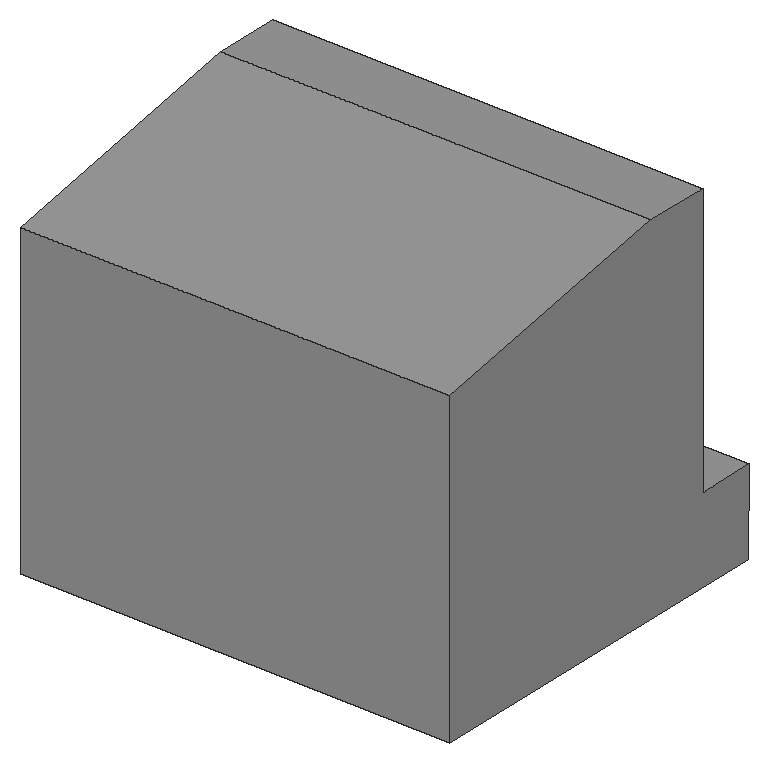
Revit family "Surgical_Scrub_Sink-Willoughby-EWSSS-1", category Plumbing Fixtures, Revit 2015
Parameters (values of type "Standard")
  Waste DIA = 1 1/2"
  Waste Connection = yes
  Vent Connection = no
  URL = "https://www.willoughby-ind.com/wp-content/uploads/2018/01/EWSSS.pdf"
  Revision = "A"
  Model = "EWSSS-1"
  Manufacturer = "Willoughby Industries"
  HW Connection = no
  Fixture Body = Stainless Steel AISI 304-Willoughby
  Description = "Economy Surgical Scrub Sink, Single Station"
  Default Elevation = 0' - 0"
  Contact = "800-428-4065"
  CW Connection = no
Reference planes (in)
  plane 1 "Center (Front/Back)": y = 0
  plane 2: z = 0
  plane 3 "Center (Left/Right)": x = 0
  plane 4 "Waste HGT": y = 25
  plane 5 "Bottom Of Sink": y = 16.75
  plane 6 "Top Of Unit": y = 56
  plane 7: x = -16
  plane 8: x = 16
  plane 9: x = -14
  plane 10: x = 14
Forms (in)
  Extrusion 1, solid, material "Stainless Steel AISI 304-Willoughby" <- "Fixture Body"
    sketch origin (0, 0, 0) x (0, 1, 0) y (0, 0, 1)
      loop
        line (16.75, 0) -> (42.75, 0) -> (42.75, 6) -> (26.75, 6) -> (26.75, 12.5) -> (38.75, 22.5) -> (38.75, 25) -> (34.25, 25) -> (16.75, 21.6875) -> (16.75, 0)
    from -13.5 to 13.5
  Extrusion 2, solid, material "Stainless Steel AISI 304-Willoughby" <- "Fixture Body"
    sketch origin (0, 0, 0) x (0, 1, 0) y (0, 0, 1)
      loop
        line (16.75, 21.6875) -> (16.75, 0) -> (42.75, 0) -> (42.75, 6) -> (38.75, 6) -> (38.75, 25) -> (34.25, 25) -> (16.75, 21.6875)
    from -13.5 to -15
  Extrusion 3, solid, material "Stainless Steel AISI 304-Willoughby" <- "Fixture Body"
    sketch origin (0, 0, 0) x (0, 1, 0) y (0, 0, 1)
      loop
        line (16.75, 21.6875) -> (16.75, 0) -> (42.75, 0) -> (42.75, 6) -> (38.75, 6) -> (38.75, 25) -> (34.25, 25) -> (16.75, 21.6875)
    from 13.5 to 15
  Revolve 4, solid, material "Stainless Steel AISI 304-Willoughby" <- "Fixture Body", detail levels fine
    sketch origin (-3.125, 25, 0) x (-1, 0, 0) y (0, 0, 1)
      loop
        line (0, 0) -> (0.75, 0) -> (0.75, 3.5) -> (0, 3.5) -> (0, 0)
      axis (0, 3.5) -> (0, 0)
    angle from 0 to 360
  Sweep 5, solid
    path origin (0, -9.24468, 21.25821) x (0, 0.906308, -0.422618) y (0, 0.422618, 0.906308)
      loop
        line (54.41518, 6.33615) -> (61.18417, 9.49258)
        arc (61.18417, 9.49258) -> (62.55966, 13.27172) -> (58.78053, 14.64721) r 2.84375
        line (58.78053, 14.64721) -> (57.67596, 14.13214)
    profile origin (0, 46.48437, 4.00386) x (0, 0, 1) y (1, 0, 0)
      loop
        circle (-0.00386, 0) r 0.375
  Extrusion 6, solid
    sketch origin (15, 0, 0) x (1, 0, 0) y (0, 1, 0)
      loop
        circle (-6, 25) r 0.25
      loop
        circle (-9, 25) r 0.25
    from 0 to 1
Cuts and joins
  joined: Extrusion 1, Extrusion 2, Extrusion 3
Lines and regions (in)
  symbolic lines
    curve 1: line (16, 56, 0) -> (16, 16.75, 0)
    curve 2: line (16, 16.75, 0) -> (-16, 16.75, 0)
    curve 3: line (-16, 16.75, 0) -> (-16, 56, 0)
    curve 4: line (-16, 56, 0) -> (16, 56, 0)
    curve 14: line (0, 44.77947, 27) -> (0, 16.75, 27)
    curve 15: line (0, 16.75, 27) -> (0, 16.75, 0)
    curve 16: line (0, 16.75, 0) -> (0, 56, 0)
    curve 17: line (0, 56, 0) -> (0, 56, 2.9375)
    curve 18: line (0, 56, 2.9375) -> (0, 44.77947, 27)
    curve 19: line (-16, 25, 0) -> (16, 25, 0)
    curve 20: line (16, 25, 0) -> (16, 25, 27)
    curve 21: line (16, 25, 27) -> (-16, 25, 27)
    curve 22: line (-16, 25, 27) -> (-16, 25, 0)
    curve 23: line (16, 25, 2.9375) -> (-16, 25, 2.9375)
  symbolic lines, detail levels medium+fine
    curve 5: line (14, 52.8125, 0) -> (14, 32.125, 0)
    curve 6: line (14, 32.125, 0) -> (-14, 32.125, 0)
    curve 7: line (-14, 32.125, 0) -> (-14, 52.8125, 0)
    curve 8: line (-14, 52.8125, 0) -> (14, 52.8125, 0)
    curve 24: line (14, 25, 8.25) -> (14, 25, 25.25)
    curve 25: line (14, 25, 25.25) -> (-14, 25, 25.25)
    curve 26: line (-14, 25, 25.25) -> (-14, 25, 8.25)
    curve 27: line (-14, 25, 8.25) -> (14, 25, 8.25)
  symbolic lines, detail levels fine
    curve 9: line (-14, 48.4375, 0) -> (14, 48.4375, 0)
    curve 10: line (-14, 40.9375, 0) -> (14, 40.9375, 0)
    curve 11: line (-14, 34.9375, 0) -> (14, 34.9375, 0)
    curve 12: line (-16, 44.77947, 0) -> (-14, 44.77947, 0)
    curve 13: line (14, 44.77947, 0) -> (16, 44.77947, 0)
    curve 28: line (14, 25, 14.6875) -> (-14, 25, 14.6875)
    curve 29: line (-14, 25, 9.77312) -> (14, 25, 9.77312)
Dimensions and locks (in)
  cut or joined group of Extrusion 1, Extrusion 2, Extrusion 3 to cut or joined group of Extrusion 1, Extrusion 2, Extrusion 3 = 2' - 6"
  aligned and locked: Extrusion 1 sketch curve to plane 5 "Bottom Of Sink"
  aligned and locked: Revolve 4 sketch curve to Revolve 4 sketch curve  (x2)
  aligned and locked: Extrusion 3 to Extrusion 1
Connectors (in)
  piping at (-3.125, 25, 0), diameter 1.5, driven by "Waste DIA", driven by "Waste Connection"
    settings: on Revolve 4, index 1, connector inside diameter 24", connector length 0' - 0", flow factor 0, pipe flow 0 GPM, pressure drop 0.00 psi, fitting loss kfactor 0, connector angle 0.00°, fixture units 0, engagement length 0' - 0", angle of deflection 0.00°, flow configuration 0, flow direction 2, fitting loss method 0, system type 16, joint type 0, gender type 0, connector reference index -1, connector utility 1, adjustable connector no, is connector primary yes, connector description "Sink Waste"
  piping at (9, 25, 1), diameter 0.5
    settings: on Extrusion 6, index 2, connector inside diameter 24", connector length 0' - 0", flow factor 0, pipe flow 0 GPM, pressure drop 0.00 psi, fitting loss kfactor 0, connector angle 0.00°, fixture units 0, engagement length 0' - 0", angle of deflection 0.00°, flow configuration 0, flow direction 0, fitting loss method 0, system type 20, joint type 0, gender type 0, connector reference index -1, connector utility 0, adjustable connector no, is connector primary no, connector description ""
  piping at (6, 25, 1), diameter 0.5
    settings: on Extrusion 6, index 3, connector inside diameter 24", connector length 0' - 0", flow factor 0, pipe flow 0 GPM, pressure drop 0.00 psi, fitting loss kfactor 0, connector angle 0.00°, fixture units 0, engagement length 0' - 0", angle of deflection 0.00°, flow configuration 0, flow direction 0, fitting loss method 0, system type 19, joint type 0, gender type 0, connector reference index -1, connector utility 0, adjustable connector no, is connector primary no, connector description ""
